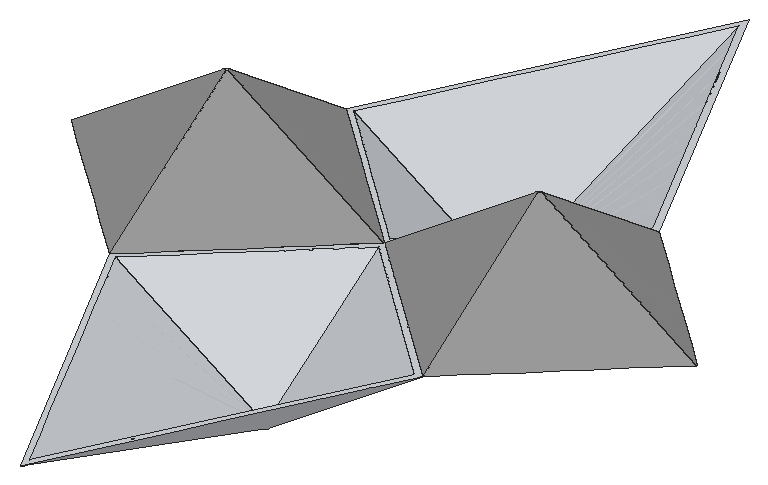
Revit family "CLD-FCT-016_KITE_RTV", category Modelos genéricos, Revit 2022 (continued)
Definition of nested family "CLD-FCT-016_KITE_2_RTV"
  Forms (in)
    Extrusion 235, solid, not visible
      sketch origin (-0.00149, 0.00149, -1.20924) x (0, 1, 0) y (0, 0, -1)
        loop
          line (0.96881, 1.14538) -> (0.96881, -1.85462) -> (0.65631, -1.85462) -> (0.65631, -2.35462) -> (0.96881, -2.35462) -> (3.48948, -2.35462) -> (3.48948, -0.60462) -> (4.19814, -0.60462) -> (4.19814, -2.35462) -> (9.23948, -2.35462) -> (9.23948, -0.60462) -> (9.94814, -0.60462) -> (9.94814, -2.35462) -> (14.98948, -2.35462) -> (14.98948, -0.60462) -> (15.69814, -0.60462) -> (15.69814, -2.35462) -> (20.73948, -2.35462) -> (20.73948, -0.60462) -> (21.44814, -0.60462) -> (21.44814, -2.35462) -> (24.28131, -2.35462) -> (24.28131, -1.85462) -> (23.96881, -1.85462) -> (23.96881, 1.14538) -> (0.96881, 1.14538)
      from -3.60908 to -3.49097
    Extrusion 236, solid, not visible
      sketch origin (0.11662, 0.00149, -1.20924) x (0, 1, 0) y (0, 0, -1)
        loop
          line (0.96881, 1.14538) -> (0.96881, -1.85462) -> (0.65631, -1.85462) -> (0.65631, -2.35462) -> (0.96881, -2.35462) -> (3.48948, -2.35462) -> (3.48948, -0.60462) -> (4.19814, -0.60462) -> (4.19814, -2.35462) -> (9.23948, -2.35462) -> (9.23948, -0.60462) -> (9.94814, -0.60462) -> (9.94814, -2.35462) -> (14.98948, -2.35462) -> (14.98948, -0.60462) -> (15.69814, -0.60462) -> (15.69814, -2.35462) -> (20.73948, -2.35462) -> (20.73948, -0.60462) -> (21.44814, -0.60462) -> (21.44814, -2.35462) -> (24.28131, -2.35462) -> (24.28131, -1.85462) -> (23.96881, -1.85462) -> (23.96881, 1.14538) -> (0.96881, 1.14538)
      from -3.96341 to -3.49097
    Extrusion 237, solid, not visible
      sketch origin (-0.00149, 0.00149, -1.20924) x (0, 1, 0) y (0, 0, -1)
        loop
          line (0.96881, 1.14538) -> (0.96881, -1.85462) -> (0.65631, -1.85462) -> (0.65631, -2.35462) -> (0.96881, -2.35462) -> (3.48948, -2.35462) -> (3.48948, -0.60462) -> (4.19814, -0.60462) -> (4.19814, -2.35462) -> (9.23948, -2.35462) -> (9.23948, -0.60462) -> (9.94814, -0.60462) -> (9.94814, -2.35462) -> (14.98948, -2.35462) -> (14.98948, -0.60462) -> (15.69814, -0.60462) -> (15.69814, -2.35462) -> (20.73948, -2.35462) -> (20.73948, -0.60462) -> (21.44814, -0.60462) -> (21.44814, -2.35462) -> (24.28131, -2.35462) -> (24.28131, -1.85462) -> (23.96881, -1.85462) -> (23.96881, 1.14538) -> (0.96881, 1.14538)
      from -4.19963 to -4.08152
    Extrusion 238, solid, not visible
      sketch origin (0, 0, 0) x (1, 0, 0) y (0, 0, 1)
        loop
          line (0.96881, 0.64538) -> (0.96881, -2.35462) -> (3.48948, -2.35462) -> (3.48948, -0.60462) -> (4.19814, -0.60462) -> (4.19814, -2.35462) -> (9.23948, -2.35462) -> (9.23948, -0.60462) -> (9.94814, -0.60462) -> (9.94814, -2.35462) -> (14.98948, -2.35462) -> (14.98948, -0.60462) -> (15.69814, -0.60462) -> (15.69814, -2.35462) -> (20.73948, -2.35462) -> (20.73948, -0.60462) -> (21.44814, -0.60462) -> (21.44814, -2.35462) -> (23.96881, -2.35462) -> (23.96881, 0.64538) -> (24.28131, 0.64538) -> (24.28131, 1.14538) -> (0.65631, 1.14538) -> (0.65631, 0.64538) -> (0.96881, 0.64538)
      from -3.60908 to -3.49097
    Extrusion 239, solid, not visible
      sketch origin (0, 0, 0) x (1, 0, 0) y (0, 0, 1)
        loop
          line (0.96881, 0.64538) -> (0.96881, -2.35462) -> (3.48948, -2.35462) -> (3.48948, -0.60462) -> (4.19814, -0.60462) -> (4.19814, -2.35462) -> (9.23948, -2.35462) -> (9.23948, -0.60462) -> (9.94814, -0.60462) -> (9.94814, -2.35462) -> (14.98948, -2.35462) -> (14.98948, -0.60462) -> (15.69814, -0.60462) -> (15.69814, -2.35462) -> (20.73948, -2.35462) -> (20.73948, -0.60462) -> (21.44814, -0.60462) -> (21.44814, -2.35462) -> (23.96881, -2.35462) -> (23.96881, 0.64538) -> (24.28131, 0.64538) -> (24.28131, 1.14538) -> (0.65631, 1.14538) -> (0.65631, 0.64538) -> (0.96881, 0.64538)
      from -4.08152 to -3.60908
    Extrusion 240, solid, not visible
      sketch origin (0, 0, 0) x (1, 0, 0) y (0, 0, 1)
        loop
          line (0.96881, 0.64538) -> (0.96881, -2.35462) -> (3.48948, -2.35462) -> (3.48948, -0.60462) -> (4.19814, -0.60462) -> (4.19814, -2.35462) -> (9.23948, -2.35462) -> (9.23948, -0.60462) -> (9.94814, -0.60462) -> (9.94814, -2.35462) -> (14.98948, -2.35462) -> (14.98948, -0.60462) -> (15.69814, -0.60462) -> (15.69814, -2.35462) -> (20.73948, -2.35462) -> (20.73948, -0.60462) -> (21.44814, -0.60462) -> (21.44814, -2.35462) -> (23.96881, -2.35462) -> (23.96881, 0.64538) -> (24.28131, 0.64538) -> (24.28131, 1.14538) -> (0.65631, 1.14538) -> (0.65631, 0.64538) -> (0.96881, 0.64538)
      from -4.19963 to -4.08152
    Extrusion 241, solid, not visible
      sketch origin (0, 0, 0) x (1, 0, 0) y (0, 0, 1)
        loop
          line (0.96881, 0.64538) -> (0.96881, -2.35462) -> (3.48948, -2.35462) -> (3.48948, -0.60462) -> (4.19814, -0.60462) -> (4.19814, -2.35462) -> (9.23948, -2.35462) -> (9.23948, -0.60462) -> (9.94814, -0.60462) -> (9.94814, -2.35462) -> (14.98948, -2.35462) -> (14.98948, -0.60462) -> (15.69814, -0.60462) -> (15.69814, -2.35462) -> (20.73948, -2.35462) -> (20.73948, -0.60462) -> (21.44814, -0.60462) -> (21.44814, -2.35462) -> (23.96881, -2.35462) -> (23.96881, 0.64538) -> (24.28131, 0.64538) -> (24.28131, 1.14538) -> (0.65631, 1.14538) -> (0.65631, 0.64538) -> (0.96881, 0.64538)
      from -9.94963 to -9.83152
    Extrusion 242, solid, not visible
      sketch origin (0, 0, 0) x (1, 0, 0) y (0, 0, 1)
        loop
          line (0.96881, 0.64538) -> (0.96881, -2.35462) -> (3.48948, -2.35462) -> (3.48948, -0.60462) -> (4.19814, -0.60462) -> (4.19814, -2.35462) -> (9.23948, -2.35462) -> (9.23948, -0.60462) -> (9.94814, -0.60462) -> (9.94814, -2.35462) -> (14.98948, -2.35462) -> (14.98948, -0.60462) -> (15.69814, -0.60462) -> (15.69814, -2.35462) -> (20.73948, -2.35462) -> (20.73948, -0.60462) -> (21.44814, -0.60462) -> (21.44814, -2.35462) -> (23.96881, -2.35462) -> (23.96881, 0.64538) -> (24.28131, 0.64538) -> (24.28131, 1.14538) -> (0.65631, 1.14538) -> (0.65631, 0.64538) -> (0.96881, 0.64538)
      from -9.35908 to -9.24097
    Extrusion 243, solid, not visible
      sketch origin (0, 0, 0) x (1, 0, 0) y (0, 0, 1)
        loop
          line (0.96881, 0.64538) -> (0.96881, -2.35462) -> (3.48948, -2.35462) -> (3.48948, -0.60462) -> (4.19814, -0.60462) -> (4.19814, -2.35462) -> (9.23948, -2.35462) -> (9.23948, -0.60462) -> (9.94814, -0.60462) -> (9.94814, -2.35462) -> (14.98948, -2.35462) -> (14.98948, -0.60462) -> (15.69814, -0.60462) -> (15.69814, -2.35462) -> (20.73948, -2.35462) -> (20.73948, -0.60462) -> (21.44814, -0.60462) -> (21.44814, -2.35462) -> (23.96881, -2.35462) -> (23.96881, 0.64538) -> (24.28131, 0.64538) -> (24.28131, 1.14538) -> (0.65631, 1.14538) -> (0.65631, 0.64538) -> (0.96881, 0.64538)
      from -9.83152 to -9.35908
    Extrusion 244, solid, not visible
      sketch origin (0, 0, 0) x (1, 0, 0) y (0, 0, 1)
        loop
          line (0.96881, 0.64538) -> (0.96881, -2.35462) -> (3.48948, -2.35462) -> (3.48948, -0.60462) -> (4.19814, -0.60462) -> (4.19814, -2.35462) -> (9.23948, -2.35462) -> (9.23948, -0.60462) -> (9.94814, -0.60462) -> (9.94814, -2.35462) -> (14.98948, -2.35462) -> (14.98948, -0.60462) -> (15.69814, -0.60462) -> (15.69814, -2.35462) -> (20.73948, -2.35462) -> (20.73948, -0.60462) -> (21.44814, -0.60462) -> (21.44814, -2.35462) -> (23.96881, -2.35462) -> (23.96881, 0.64538) -> (24.28131, 0.64538) -> (24.28131, 1.14538) -> (0.65631, 1.14538) -> (0.65631, 0.64538) -> (0.96881, 0.64538)
      from -15.69963 to -15.58152
    Extrusion 245, solid, not visible
      sketch origin (0, 0, 0) x (1, 0, 0) y (0, 0, 1)
        loop
          line (0.96881, 0.64538) -> (0.96881, -2.35462) -> (3.48948, -2.35462) -> (3.48948, -0.60462) -> (4.19814, -0.60462) -> (4.19814, -2.35462) -> (9.23948, -2.35462) -> (9.23948, -0.60462) -> (9.94814, -0.60462) -> (9.94814, -2.35462) -> (14.98948, -2.35462) -> (14.98948, -0.60462) -> (15.69814, -0.60462) -> (15.69814, -2.35462) -> (20.73948, -2.35462) -> (20.73948, -0.60462) -> (21.44814, -0.60462) -> (21.44814, -2.35462) -> (23.96881, -2.35462) -> (23.96881, 0.64538) -> (24.28131, 0.64538) -> (24.28131, 1.14538) -> (0.65631, 1.14538) -> (0.65631, 0.64538) -> (0.96881, 0.64538)
      from -15.10908 to -14.99097
    Extrusion 246, solid, not visible
      sketch origin (0, 0, 0) x (1, 0, 0) y (0, 0, 1)
        loop
          line (0.96881, 0.64538) -> (0.96881, -2.35462) -> (3.48948, -2.35462) -> (3.48948, -0.60462) -> (4.19814, -0.60462) -> (4.19814, -2.35462) -> (9.23948, -2.35462) -> (9.23948, -0.60462) -> (9.94814, -0.60462) -> (9.94814, -2.35462) -> (14.98948, -2.35462) -> (14.98948, -0.60462) -> (15.69814, -0.60462) -> (15.69814, -2.35462) -> (20.73948, -2.35462) -> (20.73948, -0.60462) -> (21.44814, -0.60462) -> (21.44814, -2.35462) -> (23.96881, -2.35462) -> (23.96881, 0.64538) -> (24.28131, 0.64538) -> (24.28131, 1.14538) -> (0.65631, 1.14538) -> (0.65631, 0.64538) -> (0.96881, 0.64538)
      from -15.58152 to -15.10908
    Extrusion 247, solid, not visible
      sketch origin (0, 0, 0) x (1, 0, 0) y (0, 0, 1)
        loop
          line (0.96881, 0.64538) -> (0.96881, -2.35462) -> (3.48948, -2.35462) -> (3.48948, -0.60462) -> (4.19814, -0.60462) -> (4.19814, -2.35462) -> (9.23948, -2.35462) -> (9.23948, -0.60462) -> (9.94814, -0.60462) -> (9.94814, -2.35462) -> (14.98948, -2.35462) -> (14.98948, -0.60462) -> (15.69814, -0.60462) -> (15.69814, -2.35462) -> (20.73948, -2.35462) -> (20.73948, -0.60462) -> (21.44814, -0.60462) -> (21.44814, -2.35462) -> (23.96881, -2.35462) -> (23.96881, 0.64538) -> (24.28131, 0.64538) -> (24.28131, 1.14538) -> (0.65631, 1.14538) -> (0.65631, 0.64538) -> (0.96881, 0.64538)
      from -21.44963 to -21.33152
    Extrusion 248, solid, not visible
      sketch origin (0, 0, 0) x (1, 0, 0) y (0, 0, 1)
        loop
          line (0.96881, 0.64538) -> (0.96881, -2.35462) -> (3.48948, -2.35462) -> (3.48948, -0.60462) -> (4.19814, -0.60462) -> (4.19814, -2.35462) -> (9.23948, -2.35462) -> (9.23948, -0.60462) -> (9.94814, -0.60462) -> (9.94814, -2.35462) -> (14.98948, -2.35462) -> (14.98948, -0.60462) -> (15.69814, -0.60462) -> (15.69814, -2.35462) -> (20.73948, -2.35462) -> (20.73948, -0.60462) -> (21.44814, -0.60462) -> (21.44814, -2.35462) -> (23.96881, -2.35462) -> (23.96881, 0.64538) -> (24.28131, 0.64538) -> (24.28131, 1.14538) -> (0.65631, 1.14538) -> (0.65631, 0.64538) -> (0.96881, 0.64538)
      from -20.85908 to -20.74097
    Extrusion 249, solid, not visible
      sketch origin (0, 0, 0) x (1, 0, 0) y (0, 0, 1)
        loop
          line (0.96881, 0.64538) -> (0.96881, -2.35462) -> (3.48948, -2.35462) -> (3.48948, -0.60462) -> (4.19814, -0.60462) -> (4.19814, -2.35462) -> (9.23948, -2.35462) -> (9.23948, -0.60462) -> (9.94814, -0.60462) -> (9.94814, -2.35462) -> (14.98948, -2.35462) -> (14.98948, -0.60462) -> (15.69814, -0.60462) -> (15.69814, -2.35462) -> (20.73948, -2.35462) -> (20.73948, -0.60462) -> (21.44814, -0.60462) -> (21.44814, -2.35462) -> (23.96881, -2.35462) -> (23.96881, 0.64538) -> (24.28131, 0.64538) -> (24.28131, 1.14538) -> (0.65631, 1.14538) -> (0.65631, 0.64538) -> (0.96881, 0.64538)
      from -21.33152 to -20.85908
    Extrusion 250, solid, not visible
      sketch origin (-0.00149, 0.00149, -1.20924) x (0, 1, 0) y (0, 0, -1)
        loop
          line (0.96881, 1.14538) -> (0.96881, -1.85462) -> (0.65631, -1.85462) -> (0.65631, -2.35462) -> (0.96881, -2.35462) -> (3.48948, -2.35462) -> (3.48948, -0.60462) -> (4.19814, -0.60462) -> (4.19814, -2.35462) -> (9.23948, -2.35462) -> (9.23948, -0.60462) -> (9.94814, -0.60462) -> (9.94814, -2.35462) -> (14.98948, -2.35462) -> (14.98948, -0.60462) -> (15.69814, -0.60462) -> (15.69814, -2.35462) -> (20.73948, -2.35462) -> (20.73948, -0.60462) -> (21.44814, -0.60462) -> (21.44814, -2.35462) -> (24.28131, -2.35462) -> (24.28131, -1.85462) -> (23.96881, -1.85462) -> (23.96881, 1.14538) -> (0.96881, 1.14538)
      from -3.60908 to -3.49097
    Extrusion 251, solid, not visible
      sketch origin (0.11662, 0.00149, -1.20924) x (0, 1, 0) y (0, 0, -1)
        loop
          line (0.96881, 1.14538) -> (0.96881, -1.85462) -> (0.65631, -1.85462) -> (0.65631, -2.35462) -> (0.96881, -2.35462) -> (3.48948, -2.35462) -> (3.48948, -0.60462) -> (4.19814, -0.60462) -> (4.19814, -2.35462) -> (9.23948, -2.35462) -> (9.23948, -0.60462) -> (9.94814, -0.60462) -> (9.94814, -2.35462) -> (14.98948, -2.35462) -> (14.98948, -0.60462) -> (15.69814, -0.60462) -> (15.69814, -2.35462) -> (20.73948, -2.35462) -> (20.73948, -0.60462) -> (21.44814, -0.60462) -> (21.44814, -2.35462) -> (24.28131, -2.35462) -> (24.28131, -1.85462) -> (23.96881, -1.85462) -> (23.96881, 1.14538) -> (0.96881, 1.14538)
      from -3.96341 to -3.49097
    Extrusion 252, solid, not visible
      sketch origin (-0.00149, 0.00149, -1.20924) x (0, 1, 0) y (0, 0, -1)
        loop
          line (0.96881, 1.14538) -> (0.96881, -1.85462) -> (0.65631, -1.85462) -> (0.65631, -2.35462) -> (0.96881, -2.35462) -> (3.48948, -2.35462) -> (3.48948, -0.60462) -> (4.19814, -0.60462) -> (4.19814, -2.35462) -> (9.23948, -2.35462) -> (9.23948, -0.60462) -> (9.94814, -0.60462) -> (9.94814, -2.35462) -> (14.98948, -2.35462) -> (14.98948, -0.60462) -> (15.69814, -0.60462) -> (15.69814, -2.35462) -> (20.73948, -2.35462) -> (20.73948, -0.60462) -> (21.44814, -0.60462) -> (21.44814, -2.35462) -> (24.28131, -2.35462) -> (24.28131, -1.85462) -> (23.96881, -1.85462) -> (23.96881, 1.14538) -> (0.96881, 1.14538)
      from -4.19963 to -4.08152
    Extrusion 253, solid, not visible
      sketch origin (5.74851, 0.00149, -1.20924) x (0, 1, 0) y (0, 0, -1)
        loop
          line (0.96881, 1.14538) -> (0.96881, -1.85462) -> (0.65631, -1.85462) -> (0.65631, -2.35462) -> (0.96881, -2.35462) -> (3.48948, -2.35462) -> (3.48948, -0.60462) -> (4.19814, -0.60462) -> (4.19814, -2.35462) -> (9.23948, -2.35462) -> (9.23948, -0.60462) -> (9.94814, -0.60462) -> (9.94814, -2.35462) -> (14.98948, -2.35462) -> (14.98948, -0.60462) -> (15.69814, -0.60462) -> (15.69814, -2.35462) -> (20.73948, -2.35462) -> (20.73948, -0.60462) -> (21.44814, -0.60462) -> (21.44814, -2.35462) -> (24.28131, -2.35462) -> (24.28131, -1.85462) -> (23.96881, -1.85462) -> (23.96881, 1.14538) -> (0.96881, 1.14538)
      from -4.19963 to -4.08152
    Extrusion 254, solid, not visible
      sketch origin (5.15796, 0.00149, -1.20924) x (0, 1, 0) y (0, 0, -1)
        loop
          line (0.96881, 1.14538) -> (0.96881, -1.85462) -> (0.65631, -1.85462) -> (0.65631, -2.35462) -> (0.96881, -2.35462) -> (3.48948, -2.35462) -> (3.48948, -0.60462) -> (4.19814, -0.60462) -> (4.19814, -2.35462) -> (9.23948, -2.35462) -> (9.23948, -0.60462) -> (9.94814, -0.60462) -> (9.94814, -2.35462) -> (14.98948, -2.35462) -> (14.98948, -0.60462) -> (15.69814, -0.60462) -> (15.69814, -2.35462) -> (20.73948, -2.35462) -> (20.73948, -0.60462) -> (21.44814, -0.60462) -> (21.44814, -2.35462) -> (24.28131, -2.35462) -> (24.28131, -1.85462) -> (23.96881, -1.85462) -> (23.96881, 1.14538) -> (0.96881, 1.14538)
      from -4.19963 to -4.08152
    Extrusion 255, solid, not visible
      sketch origin (11.49851, 0.00149, -1.20924) x (0, 1, 0) y (0, 0, -1)
        loop
          line (0.96881, 1.14538) -> (0.96881, -1.85462) -> (0.65631, -1.85462) -> (0.65631, -2.35462) -> (0.96881, -2.35462) -> (3.48948, -2.35462) -> (3.48948, -0.60462) -> (4.19814, -0.60462) -> (4.19814, -2.35462) -> (9.23948, -2.35462) -> (9.23948, -0.60462) -> (9.94814, -0.60462) -> (9.94814, -2.35462) -> (14.98948, -2.35462) -> (14.98948, -0.60462) -> (15.69814, -0.60462) -> (15.69814, -2.35462) -> (20.73948, -2.35462) -> (20.73948, -0.60462) -> (21.44814, -0.60462) -> (21.44814, -2.35462) -> (24.28131, -2.35462) -> (24.28131, -1.85462) -> (23.96881, -1.85462) -> (23.96881, 1.14538) -> (0.96881, 1.14538)
      from -4.19963 to -4.08152
    Extrusion 256, solid, not visible
      sketch origin (10.90796, 0.00149, -1.20924) x (0, 1, 0) y (0, 0, -1)
        loop
          line (0.96881, 1.14538) -> (0.96881, -1.85462) -> (0.65631, -1.85462) -> (0.65631, -2.35462) -> (0.96881, -2.35462) -> (3.48948, -2.35462) -> (3.48948, -0.60462) -> (4.19814, -0.60462) -> (4.19814, -2.35462) -> (9.23948, -2.35462) -> (9.23948, -0.60462) -> (9.94814, -0.60462) -> (9.94814, -2.35462) -> (14.98948, -2.35462) -> (14.98948, -0.60462) -> (15.69814, -0.60462) -> (15.69814, -2.35462) -> (20.73948, -2.35462) -> (20.73948, -0.60462) -> (21.44814, -0.60462) -> (21.44814, -2.35462) -> (24.28131, -2.35462) -> (24.28131, -1.85462) -> (23.96881, -1.85462) -> (23.96881, 1.14538) -> (0.96881, 1.14538)
      from -4.19963 to -4.08152
    Extrusion 257, solid, not visible
      sketch origin (16.65796, 0.00149, -1.20924) x (0, 1, 0) y (0, 0, -1)
        loop
          line (0.96881, 1.14538) -> (0.96881, -1.85462) -> (0.65631, -1.85462) -> (0.65631, -2.35462) -> (0.96881, -2.35462) -> (3.48948, -2.35462) -> (3.48948, -0.60462) -> (4.19814, -0.60462) -> (4.19814, -2.35462) -> (9.23948, -2.35462) -> (9.23948, -0.60462) -> (9.94814, -0.60462) -> (9.94814, -2.35462) -> (14.98948, -2.35462) -> (14.98948, -0.60462) -> (15.69814, -0.60462) -> (15.69814, -2.35462) -> (20.73948, -2.35462) -> (20.73948, -0.60462) -> (21.44814, -0.60462) -> (21.44814, -2.35462) -> (24.28131, -2.35462) -> (24.28131, -1.85462) -> (23.96881, -1.85462) -> (23.96881, 1.14538) -> (0.96881, 1.14538)
      from -4.19963 to -4.08152
    Extrusion 258, solid, not visible
      sketch origin (17.24851, 0.00149, -1.20924) x (0, 1, 0) y (0, 0, -1)
        loop
          line (0.96881, 1.14538) -> (0.96881, -1.85462) -> (0.65631, -1.85462) -> (0.65631, -2.35462) -> (0.96881, -2.35462) -> (3.48948, -2.35462) -> (3.48948, -0.60462) -> (4.19814, -0.60462) -> (4.19814, -2.35462) -> (9.23948, -2.35462) -> (9.23948, -0.60462) -> (9.94814, -0.60462) -> (9.94814, -2.35462) -> (14.98948, -2.35462) -> (14.98948, -0.60462) -> (15.69814, -0.60462) -> (15.69814, -2.35462) -> (20.73948, -2.35462) -> (20.73948, -0.60462) -> (21.44814, -0.60462) -> (21.44814, -2.35462) -> (24.28131, -2.35462) -> (24.28131, -1.85462) -> (23.96881, -1.85462) -> (23.96881, 1.14538) -> (0.96881, 1.14538)
      from -4.19963 to -4.08152
    Extrusion 259, solid, not visible
      sketch origin (5.86662, 0.00149, -1.20924) x (0, 1, 0) y (0, 0, -1)
        loop
          line (0.96881, 1.14538) -> (0.96881, -1.85462) -> (0.65631, -1.85462) -> (0.65631, -2.35462) -> (0.96881, -2.35462) -> (3.48948, -2.35462) -> (3.48948, -0.60462) -> (4.19814, -0.60462) -> (4.19814, -2.35462) -> (9.23948, -2.35462) -> (9.23948, -0.60462) -> (9.94814, -0.60462) -> (9.94814, -2.35462) -> (14.98948, -2.35462) -> (14.98948, -0.60462) -> (15.69814, -0.60462) -> (15.69814, -2.35462) -> (20.73948, -2.35462) -> (20.73948, -0.60462) -> (21.44814, -0.60462) -> (21.44814, -2.35462) -> (24.28131, -2.35462) -> (24.28131, -1.85462) -> (23.96881, -1.85462) -> (23.96881, 1.14538) -> (0.96881, 1.14538)
      from -3.96341 to -3.49097
    Extrusion 260, solid, not visible
      sketch origin (11.61662, 0.00149, -1.20924) x (0, 1, 0) y (0, 0, -1)
        loop
          line (0.96881, 1.14538) -> (0.96881, -1.85462) -> (0.65631, -1.85462) -> (0.65631, -2.35462) -> (0.96881, -2.35462) -> (3.48948, -2.35462) -> (3.48948, -0.60462) -> (4.19814, -0.60462) -> (4.19814, -2.35462) -> (9.23948, -2.35462) -> (9.23948, -0.60462) -> (9.94814, -0.60462) -> (9.94814, -2.35462) -> (14.98948, -2.35462) -> (14.98948, -0.60462) -> (15.69814, -0.60462) -> (15.69814, -2.35462) -> (20.73948, -2.35462) -> (20.73948, -0.60462) -> (21.44814, -0.60462) -> (21.44814, -2.35462) -> (24.28131, -2.35462) -> (24.28131, -1.85462) -> (23.96881, -1.85462) -> (23.96881, 1.14538) -> (0.96881, 1.14538)
      from -3.96341 to -3.49097
    Extrusion 261, solid, not visible
      sketch origin (17.36662, 0.00149, -1.20924) x (0, 1, 0) y (0, 0, -1)
        loop
          line (0.96881, 1.14538) -> (0.96881, -1.85462) -> (0.65631, -1.85462) -> (0.65631, -2.35462) -> (0.96881, -2.35462) -> (3.48948, -2.35462) -> (3.48948, -0.60462) -> (4.19814, -0.60462) -> (4.19814, -2.35462) -> (9.23948, -2.35462) -> (9.23948, -0.60462) -> (9.94814, -0.60462) -> (9.94814, -2.35462) -> (14.98948, -2.35462) -> (14.98948, -0.60462) -> (15.69814, -0.60462) -> (15.69814, -2.35462) -> (20.73948, -2.35462) -> (20.73948, -0.60462) -> (21.44814, -0.60462) -> (21.44814, -2.35462) -> (24.28131, -2.35462) -> (24.28131, -1.85462) -> (23.96881, -1.85462) -> (23.96881, 1.14538) -> (0.96881, 1.14538)
      from -3.96341 to -3.49097
    Extrusion 262, solid, not visible
      sketch origin (0, 0, 0) x (1, 0, 0) y (0, 0, 1)
        loop
          line (0.96881, 0.64538) -> (0.96881, -2.35462) -> (3.48948, -2.35462) -> (3.48948, -0.60462) -> (4.19814, -0.60462) -> (4.19814, -2.35462) -> (9.23948, -2.35462) -> (9.23948, -0.60462) -> (9.94814, -0.60462) -> (9.94814, -2.35462) -> (14.98948, -2.35462) -> (14.98948, -0.60462) -> (15.69814, -0.60462) -> (15.69814, -2.35462) -> (20.73948, -2.35462) -> (20.73948, -0.60462) -> (21.44814, -0.60462) -> (21.44814, -2.35462) -> (23.96881, -2.35462) -> (23.96881, 0.64538) -> (24.28131, 0.64538) -> (24.28131, 1.14538) -> (0.65631, 1.14538) -> (0.65631, 0.64538) -> (0.96881, 0.64538)
      from -3.60908 to -3.49097
    Extrusion 263, solid, not visible
      sketch origin (0, 0, 0) x (1, 0, 0) y (0, 0, 1)
        loop
          line (0.96881, 0.64538) -> (0.96881, -2.35462) -> (3.48948, -2.35462) -> (3.48948, -0.60462) -> (4.19814, -0.60462) -> (4.19814, -2.35462) -> (9.23948, -2.35462) -> (9.23948, -0.60462) -> (9.94814, -0.60462) -> (9.94814, -2.35462) -> (14.98948, -2.35462) -> (14.98948, -0.60462) -> (15.69814, -0.60462) -> (15.69814, -2.35462) -> (20.73948, -2.35462) -> (20.73948, -0.60462) -> (21.44814, -0.60462) -> (21.44814, -2.35462) -> (23.96881, -2.35462) -> (23.96881, 0.64538) -> (24.28131, 0.64538) -> (24.28131, 1.14538) -> (0.65631, 1.14538) -> (0.65631, 0.64538) -> (0.96881, 0.64538)
      from -4.08152 to -3.60908
    Extrusion 264, solid, not visible
      sketch origin (0, 0, 0) x (1, 0, 0) y (0, 0, 1)
        loop
          line (0.96881, 0.64538) -> (0.96881, -2.35462) -> (3.48948, -2.35462) -> (3.48948, -0.60462) -> (4.19814, -0.60462) -> (4.19814, -2.35462) -> (9.23948, -2.35462) -> (9.23948, -0.60462) -> (9.94814, -0.60462) -> (9.94814, -2.35462) -> (14.98948, -2.35462) -> (14.98948, -0.60462) -> (15.69814, -0.60462) -> (15.69814, -2.35462) -> (20.73948, -2.35462) -> (20.73948, -0.60462) -> (21.44814, -0.60462) -> (21.44814, -2.35462) -> (23.96881, -2.35462) -> (23.96881, 0.64538) -> (24.28131, 0.64538) -> (24.28131, 1.14538) -> (0.65631, 1.14538) -> (0.65631, 0.64538) -> (0.96881, 0.64538)
      from -4.19963 to -4.08152
    Extrusion 265, solid, not visible
      sketch origin (-0.00149, 0.00149, -1.20924) x (0, 1, 0) y (0, 0, -1)
        loop
          line (0.96881, 1.14538) -> (0.96881, -1.85462) -> (0.65631, -1.85462) -> (0.65631, -2.35462) -> (0.96881, -2.35462) -> (3.48948, -2.35462) -> (3.48948, -0.60462) -> (4.19814, -0.60462) -> (4.19814, -2.35462) -> (9.23948, -2.35462) -> (9.23948, -0.60462) -> (9.94814, -0.60462) -> (9.94814, -2.35462) -> (14.98948, -2.35462) -> (14.98948, -0.60462) -> (15.69814, -0.60462) -> (15.69814, -2.35462) -> (20.73948, -2.35462) -> (20.73948, -0.60462) -> (21.44814, -0.60462) -> (21.44814, -2.35462) -> (24.28131, -2.35462) -> (24.28131, -1.85462) -> (23.96881, -1.85462) -> (23.96881, 1.14538) -> (0.96881, 1.14538)
      from -3.60908 to -3.49097
    Extrusion 266, solid, not visible
      sketch origin (0.11662, 0.00149, -1.20924) x (0, 1, 0) y (0, 0, -1)
        loop
          line (0.96881, 1.14538) -> (0.96881, -1.85462) -> (0.65631, -1.85462) -> (0.65631, -2.35462) -> (0.96881, -2.35462) -> (3.48948, -2.35462) -> (3.48948, -0.60462) -> (4.19814, -0.60462) -> (4.19814, -2.35462) -> (9.23948, -2.35462) -> (9.23948, -0.60462) -> (9.94814, -0.60462) -> (9.94814, -2.35462) -> (14.98948, -2.35462) -> (14.98948, -0.60462) -> (15.69814, -0.60462) -> (15.69814, -2.35462) -> (20.73948, -2.35462) -> (20.73948, -0.60462) -> (21.44814, -0.60462) -> (21.44814, -2.35462) -> (24.28131, -2.35462) -> (24.28131, -1.85462) -> (23.96881, -1.85462) -> (23.96881, 1.14538) -> (0.96881, 1.14538)
      from -3.96341 to -3.49097
    Extrusion 267, solid, not visible
      sketch origin (-0.00149, 0.00149, -1.20924) x (0, 1, 0) y (0, 0, -1)
        loop
          line (0.96881, 1.14538) -> (0.96881, -1.85462) -> (0.65631, -1.85462) -> (0.65631, -2.35462) -> (0.96881, -2.35462) -> (3.48948, -2.35462) -> (3.48948, -0.60462) -> (4.19814, -0.60462) -> (4.19814, -2.35462) -> (9.23948, -2.35462) -> (9.23948, -0.60462) -> (9.94814, -0.60462) -> (9.94814, -2.35462) -> (14.98948, -2.35462) -> (14.98948, -0.60462) -> (15.69814, -0.60462) -> (15.69814, -2.35462) -> (20.73948, -2.35462) -> (20.73948, -0.60462) -> (21.44814, -0.60462) -> (21.44814, -2.35462) -> (24.28131, -2.35462) -> (24.28131, -1.85462) -> (23.96881, -1.85462) -> (23.96881, 1.14538) -> (0.96881, 1.14538)
      from -4.19963 to -4.08152
    Extrusion 268, solid, not visible
      sketch origin (0, 0, 0) x (1, 0, 0) y (0, 0, 1)
        loop
          line (0.96881, 0.64538) -> (0.96881, -2.35462) -> (3.48948, -2.35462) -> (3.48948, -0.60462) -> (4.19814, -0.60462) -> (4.19814, -2.35462) -> (9.23948, -2.35462) -> (9.23948, -0.60462) -> (9.94814, -0.60462) -> (9.94814, -2.35462) -> (14.98948, -2.35462) -> (14.98948, -0.60462) -> (15.69814, -0.60462) -> (15.69814, -2.35462) -> (20.73948, -2.35462) -> (20.73948, -0.60462) -> (21.44814, -0.60462) -> (21.44814, -2.35462) -> (23.96881, -2.35462) -> (23.96881, 0.64538) -> (24.28131, 0.64538) -> (24.28131, 1.14538) -> (0.65631, 1.14538) -> (0.65631, 0.64538) -> (0.96881, 0.64538)
      from -9.94963 to -9.83152
    Extrusion 269, solid, not visible
      sketch origin (0, 0, 0) x (1, 0, 0) y (0, 0, 1)
        loop
          line (0.96881, 0.64538) -> (0.96881, -2.35462) -> (3.48948, -2.35462) -> (3.48948, -0.60462) -> (4.19814, -0.60462) -> (4.19814, -2.35462) -> (9.23948, -2.35462) -> (9.23948, -0.60462) -> (9.94814, -0.60462) -> (9.94814, -2.35462) -> (14.98948, -2.35462) -> (14.98948, -0.60462) -> (15.69814, -0.60462) -> (15.69814, -2.35462) -> (20.73948, -2.35462) -> (20.73948, -0.60462) -> (21.44814, -0.60462) -> (21.44814, -2.35462) -> (23.96881, -2.35462) -> (23.96881, 0.64538) -> (24.28131, 0.64538) -> (24.28131, 1.14538) -> (0.65631, 1.14538) -> (0.65631, 0.64538) -> (0.96881, 0.64538)
      from -9.35908 to -9.24097
    Extrusion 270, solid, not visible
      sketch origin (0, 0, 0) x (1, 0, 0) y (0, 0, 1)
        loop
          line (0.96881, 0.64538) -> (0.96881, -2.35462) -> (3.48948, -2.35462) -> (3.48948, -0.60462) -> (4.19814, -0.60462) -> (4.19814, -2.35462) -> (9.23948, -2.35462) -> (9.23948, -0.60462) -> (9.94814, -0.60462) -> (9.94814, -2.35462) -> (14.98948, -2.35462) -> (14.98948, -0.60462) -> (15.69814, -0.60462) -> (15.69814, -2.35462) -> (20.73948, -2.35462) -> (20.73948, -0.60462) -> (21.44814, -0.60462) -> (21.44814, -2.35462) -> (23.96881, -2.35462) -> (23.96881, 0.64538) -> (24.28131, 0.64538) -> (24.28131, 1.14538) -> (0.65631, 1.14538) -> (0.65631, 0.64538) -> (0.96881, 0.64538)
      from -9.83152 to -9.35908
    Extrusion 271, solid, not visible
      sketch origin (0, 0, 0) x (1, 0, 0) y (0, 0, 1)
        loop
          line (0.96881, 0.64538) -> (0.96881, -2.35462) -> (3.48948, -2.35462) -> (3.48948, -0.60462) -> (4.19814, -0.60462) -> (4.19814, -2.35462) -> (9.23948, -2.35462) -> (9.23948, -0.60462) -> (9.94814, -0.60462) -> (9.94814, -2.35462) -> (14.98948, -2.35462) -> (14.98948, -0.60462) -> (15.69814, -0.60462) -> (15.69814, -2.35462) -> (20.73948, -2.35462) -> (20.73948, -0.60462) -> (21.44814, -0.60462) -> (21.44814, -2.35462) -> (23.96881, -2.35462) -> (23.96881, 0.64538) -> (24.28131, 0.64538) -> (24.28131, 1.14538) -> (0.65631, 1.14538) -> (0.65631, 0.64538) -> (0.96881, 0.64538)
      from -15.69963 to -15.58152
    Extrusion 272, solid, not visible
      sketch origin (0, 0, 0) x (1, 0, 0) y (0, 0, 1)
        loop
          line (0.96881, 0.64538) -> (0.96881, -2.35462) -> (3.48948, -2.35462) -> (3.48948, -0.60462) -> (4.19814, -0.60462) -> (4.19814, -2.35462) -> (9.23948, -2.35462) -> (9.23948, -0.60462) -> (9.94814, -0.60462) -> (9.94814, -2.35462) -> (14.98948, -2.35462) -> (14.98948, -0.60462) -> (15.69814, -0.60462) -> (15.69814, -2.35462) -> (20.73948, -2.35462) -> (20.73948, -0.60462) -> (21.44814, -0.60462) -> (21.44814, -2.35462) -> (23.96881, -2.35462) -> (23.96881, 0.64538) -> (24.28131, 0.64538) -> (24.28131, 1.14538) -> (0.65631, 1.14538) -> (0.65631, 0.64538) -> (0.96881, 0.64538)
      from -15.10908 to -14.99097
    Extrusion 273, solid, not visible
      sketch origin (0, 0, 0) x (1, 0, 0) y (0, 0, 1)
        loop
          line (0.96881, 0.64538) -> (0.96881, -2.35462) -> (3.48948, -2.35462) -> (3.48948, -0.60462) -> (4.19814, -0.60462) -> (4.19814, -2.35462) -> (9.23948, -2.35462) -> (9.23948, -0.60462) -> (9.94814, -0.60462) -> (9.94814, -2.35462) -> (14.98948, -2.35462) -> (14.98948, -0.60462) -> (15.69814, -0.60462) -> (15.69814, -2.35462) -> (20.73948, -2.35462) -> (20.73948, -0.60462) -> (21.44814, -0.60462) -> (21.44814, -2.35462) -> (23.96881, -2.35462) -> (23.96881, 0.64538) -> (24.28131, 0.64538) -> (24.28131, 1.14538) -> (0.65631, 1.14538) -> (0.65631, 0.64538) -> (0.96881, 0.64538)
      from -15.58152 to -15.10908
    Extrusion 274, solid, not visible
      sketch origin (0, 0, 0) x (1, 0, 0) y (0, 0, 1)
        loop
          line (0.96881, 0.64538) -> (0.96881, -2.35462) -> (3.48948, -2.35462) -> (3.48948, -0.60462) -> (4.19814, -0.60462) -> (4.19814, -2.35462) -> (9.23948, -2.35462) -> (9.23948, -0.60462) -> (9.94814, -0.60462) -> (9.94814, -2.35462) -> (14.98948, -2.35462) -> (14.98948, -0.60462) -> (15.69814, -0.60462) -> (15.69814, -2.35462) -> (20.73948, -2.35462) -> (20.73948, -0.60462) -> (21.44814, -0.60462) -> (21.44814, -2.35462) -> (23.96881, -2.35462) -> (23.96881, 0.64538) -> (24.28131, 0.64538) -> (24.28131, 1.14538) -> (0.65631, 1.14538) -> (0.65631, 0.64538) -> (0.96881, 0.64538)
      from -21.44963 to -21.33152
    Extrusion 275, solid, not visible
      sketch origin (0, 0, 0) x (1, 0, 0) y (0, 0, 1)
        loop
          line (0.96881, 0.64538) -> (0.96881, -2.35462) -> (3.48948, -2.35462) -> (3.48948, -0.60462) -> (4.19814, -0.60462) -> (4.19814, -2.35462) -> (9.23948, -2.35462) -> (9.23948, -0.60462) -> (9.94814, -0.60462) -> (9.94814, -2.35462) -> (14.98948, -2.35462) -> (14.98948, -0.60462) -> (15.69814, -0.60462) -> (15.69814, -2.35462) -> (20.73948, -2.35462) -> (20.73948, -0.60462) -> (21.44814, -0.60462) -> (21.44814, -2.35462) -> (23.96881, -2.35462) -> (23.96881, 0.64538) -> (24.28131, 0.64538) -> (24.28131, 1.14538) -> (0.65631, 1.14538) -> (0.65631, 0.64538) -> (0.96881, 0.64538)
      from -20.85908 to -20.74097
    Extrusion 276, solid, not visible
      sketch origin (0, 0, 0) x (1, 0, 0) y (0, 0, 1)
        loop
          line (0.96881, 0.64538) -> (0.96881, -2.35462) -> (3.48948, -2.35462) -> (3.48948, -0.60462) -> (4.19814, -0.60462) -> (4.19814, -2.35462) -> (9.23948, -2.35462) -> (9.23948, -0.60462) -> (9.94814, -0.60462) -> (9.94814, -2.35462) -> (14.98948, -2.35462) -> (14.98948, -0.60462) -> (15.69814, -0.60462) -> (15.69814, -2.35462) -> (20.73948, -2.35462) -> (20.73948, -0.60462) -> (21.44814, -0.60462) -> (21.44814, -2.35462) -> (23.96881, -2.35462) -> (23.96881, 0.64538) -> (24.28131, 0.64538) -> (24.28131, 1.14538) -> (0.65631, 1.14538) -> (0.65631, 0.64538) -> (0.96881, 0.64538)
      from -21.33152 to -20.85908
    Extrusion 277, solid, not visible
      sketch origin (5.74851, 0.00149, -1.20924) x (0, 1, 0) y (0, 0, -1)
        loop
          line (0.96881, 1.14538) -> (0.96881, -1.85462) -> (0.65631, -1.85462) -> (0.65631, -2.35462) -> (0.96881, -2.35462) -> (3.48948, -2.35462) -> (3.48948, -0.60462) -> (4.19814, -0.60462) -> (4.19814, -2.35462) -> (9.23948, -2.35462) -> (9.23948, -0.60462) -> (9.94814, -0.60462) -> (9.94814, -2.35462) -> (14.98948, -2.35462) -> (14.98948, -0.60462) -> (15.69814, -0.60462) -> (15.69814, -2.35462) -> (20.73948, -2.35462) -> (20.73948, -0.60462) -> (21.44814, -0.60462) -> (21.44814, -2.35462) -> (24.28131, -2.35462) -> (24.28131, -1.85462) -> (23.96881, -1.85462) -> (23.96881, 1.14538) -> (0.96881, 1.14538)
      from -4.19963 to -4.08152
    Extrusion 278, solid, not visible
      sketch origin (5.15796, 0.00149, -1.20924) x (0, 1, 0) y (0, 0, -1)
        loop
          line (0.96881, 1.14538) -> (0.96881, -1.85462) -> (0.65631, -1.85462) -> (0.65631, -2.35462) -> (0.96881, -2.35462) -> (3.48948, -2.35462) -> (3.48948, -0.60462) -> (4.19814, -0.60462) -> (4.19814, -2.35462) -> (9.23948, -2.35462) -> (9.23948, -0.60462) -> (9.94814, -0.60462) -> (9.94814, -2.35462) -> (14.98948, -2.35462) -> (14.98948, -0.60462) -> (15.69814, -0.60462) -> (15.69814, -2.35462) -> (20.73948, -2.35462) -> (20.73948, -0.60462) -> (21.44814, -0.60462) -> (21.44814, -2.35462) -> (24.28131, -2.35462) -> (24.28131, -1.85462) -> (23.96881, -1.85462) -> (23.96881, 1.14538) -> (0.96881, 1.14538)
      from -4.19963 to -4.08152
    Extrusion 279, solid, not visible
      sketch origin (11.49851, 0.00149, -1.20924) x (0, 1, 0) y (0, 0, -1)
        loop
          line (0.96881, 1.14538) -> (0.96881, -1.85462) -> (0.65631, -1.85462) -> (0.65631, -2.35462) -> (0.96881, -2.35462) -> (3.48948, -2.35462) -> (3.48948, -0.60462) -> (4.19814, -0.60462) -> (4.19814, -2.35462) -> (9.23948, -2.35462) -> (9.23948, -0.60462) -> (9.94814, -0.60462) -> (9.94814, -2.35462) -> (14.98948, -2.35462) -> (14.98948, -0.60462) -> (15.69814, -0.60462) -> (15.69814, -2.35462) -> (20.73948, -2.35462) -> (20.73948, -0.60462) -> (21.44814, -0.60462) -> (21.44814, -2.35462) -> (24.28131, -2.35462) -> (24.28131, -1.85462) -> (23.96881, -1.85462) -> (23.96881, 1.14538) -> (0.96881, 1.14538)
      from -4.19963 to -4.08152
    Extrusion 280, solid, not visible
      sketch origin (10.90796, 0.00149, -1.20924) x (0, 1, 0) y (0, 0, -1)
        loop
          line (0.96881, 1.14538) -> (0.96881, -1.85462) -> (0.65631, -1.85462) -> (0.65631, -2.35462) -> (0.96881, -2.35462) -> (3.48948, -2.35462) -> (3.48948, -0.60462) -> (4.19814, -0.60462) -> (4.19814, -2.35462) -> (9.23948, -2.35462) -> (9.23948, -0.60462) -> (9.94814, -0.60462) -> (9.94814, -2.35462) -> (14.98948, -2.35462) -> (14.98948, -0.60462) -> (15.69814, -0.60462) -> (15.69814, -2.35462) -> (20.73948, -2.35462) -> (20.73948, -0.60462) -> (21.44814, -0.60462) -> (21.44814, -2.35462) -> (24.28131, -2.35462) -> (24.28131, -1.85462) -> (23.96881, -1.85462) -> (23.96881, 1.14538) -> (0.96881, 1.14538)
      from -4.19963 to -4.08152
    Extrusion 281, solid, not visible
      sketch origin (16.65796, 0.00149, -1.20924) x (0, 1, 0) y (0, 0, -1)
        loop
          line (0.96881, 1.14538) -> (0.96881, -1.85462) -> (0.65631, -1.85462) -> (0.65631, -2.35462) -> (0.96881, -2.35462) -> (3.48948, -2.35462) -> (3.48948, -0.60462) -> (4.19814, -0.60462) -> (4.19814, -2.35462) -> (9.23948, -2.35462) -> (9.23948, -0.60462) -> (9.94814, -0.60462) -> (9.94814, -2.35462) -> (14.98948, -2.35462) -> (14.98948, -0.60462) -> (15.69814, -0.60462) -> (15.69814, -2.35462) -> (20.73948, -2.35462) -> (20.73948, -0.60462) -> (21.44814, -0.60462) -> (21.44814, -2.35462) -> (24.28131, -2.35462) -> (24.28131, -1.85462) -> (23.96881, -1.85462) -> (23.96881, 1.14538) -> (0.96881, 1.14538)
      from -4.19963 to -4.08152
    Extrusion 282, solid, not visible
      sketch origin (17.24851, 0.00149, -1.20924) x (0, 1, 0) y (0, 0, -1)
        loop
          line (0.96881, 1.14538) -> (0.96881, -1.85462) -> (0.65631, -1.85462) -> (0.65631, -2.35462) -> (0.96881, -2.35462) -> (3.48948, -2.35462) -> (3.48948, -0.60462) -> (4.19814, -0.60462) -> (4.19814, -2.35462) -> (9.23948, -2.35462) -> (9.23948, -0.60462) -> (9.94814, -0.60462) -> (9.94814, -2.35462) -> (14.98948, -2.35462) -> (14.98948, -0.60462) -> (15.69814, -0.60462) -> (15.69814, -2.35462) -> (20.73948, -2.35462) -> (20.73948, -0.60462) -> (21.44814, -0.60462) -> (21.44814, -2.35462) -> (24.28131, -2.35462) -> (24.28131, -1.85462) -> (23.96881, -1.85462) -> (23.96881, 1.14538) -> (0.96881, 1.14538)
      from -4.19963 to -4.08152
    Extrusion 283, solid, not visible
      sketch origin (5.86662, 0.00149, -1.20924) x (0, 1, 0) y (0, 0, -1)
        loop
          line (0.96881, 1.14538) -> (0.96881, -1.85462) -> (0.65631, -1.85462) -> (0.65631, -2.35462) -> (0.96881, -2.35462) -> (3.48948, -2.35462) -> (3.48948, -0.60462) -> (4.19814, -0.60462) -> (4.19814, -2.35462) -> (9.23948, -2.35462) -> (9.23948, -0.60462) -> (9.94814, -0.60462) -> (9.94814, -2.35462) -> (14.98948, -2.35462) -> (14.98948, -0.60462) -> (15.69814, -0.60462) -> (15.69814, -2.35462) -> (20.73948, -2.35462) -> (20.73948, -0.60462) -> (21.44814, -0.60462) -> (21.44814, -2.35462) -> (24.28131, -2.35462) -> (24.28131, -1.85462) -> (23.96881, -1.85462) -> (23.96881, 1.14538) -> (0.96881, 1.14538)
      from -3.96341 to -3.49097
    Extrusion 284, solid, not visible
      sketch origin (11.61662, 0.00149, -1.20924) x (0, 1, 0) y (0, 0, -1)
        loop
          line (0.96881, 1.14538) -> (0.96881, -1.85462) -> (0.65631, -1.85462) -> (0.65631, -2.35462) -> (0.96881, -2.35462) -> (3.48948, -2.35462) -> (3.48948, -0.60462) -> (4.19814, -0.60462) -> (4.19814, -2.35462) -> (9.23948, -2.35462) -> (9.23948, -0.60462) -> (9.94814, -0.60462) -> (9.94814, -2.35462) -> (14.98948, -2.35462) -> (14.98948, -0.60462) -> (15.69814, -0.60462) -> (15.69814, -2.35462) -> (20.73948, -2.35462) -> (20.73948, -0.60462) -> (21.44814, -0.60462) -> (21.44814, -2.35462) -> (24.28131, -2.35462) -> (24.28131, -1.85462) -> (23.96881, -1.85462) -> (23.96881, 1.14538) -> (0.96881, 1.14538)
      from -3.96341 to -3.49097
    Extrusion 285, solid, not visible
      sketch origin (17.36662, 0.00149, -1.20924) x (0, 1, 0) y (0, 0, -1)
        loop
          line (0.96881, 1.14538) -> (0.96881, -1.85462) -> (0.65631, -1.85462) -> (0.65631, -2.35462) -> (0.96881, -2.35462) -> (3.48948, -2.35462) -> (3.48948, -0.60462) -> (4.19814, -0.60462) -> (4.19814, -2.35462) -> (9.23948, -2.35462) -> (9.23948, -0.60462) -> (9.94814, -0.60462) -> (9.94814, -2.35462) -> (14.98948, -2.35462) -> (14.98948, -0.60462) -> (15.69814, -0.60462) -> (15.69814, -2.35462) -> (20.73948, -2.35462) -> (20.73948, -0.60462) -> (21.44814, -0.60462) -> (21.44814, -2.35462) -> (24.28131, -2.35462) -> (24.28131, -1.85462) -> (23.96881, -1.85462) -> (23.96881, 1.14538) -> (0.96881, 1.14538)
      from -3.96341 to -3.49097
    Extrusion 286, solid, not visible
      sketch origin (-44, 0, 0) x (1, 0, 0) y (0, 0, 1)
        loop
          line (0.96881, 0.64538) -> (0.96881, -2.35462) -> (3.48948, -2.35462) -> (3.48948, -0.60462) -> (4.19814, -0.60462) -> (4.19814, -2.35462) -> (9.23948, -2.35462) -> (9.23948, -0.60462) -> (9.94814, -0.60462) -> (9.94814, -2.35462) -> (14.98948, -2.35462) -> (14.98948, -0.60462) -> (15.69814, -0.60462) -> (15.69814, -2.35462) -> (20.73948, -2.35462) -> (20.73948, -0.60462) -> (21.44814, -0.60462) -> (21.44814, -2.35462) -> (23.96881, -2.35462) -> (23.96881, 0.64538) -> (24.28131, 0.64538) -> (24.28131, 1.14538) -> (0.65631, 1.14538) -> (0.65631, 0.64538) -> (0.96881, 0.64538)
      from -3.60908 to -3.49097
    Extrusion 287, solid, not visible
      sketch origin (-44, 0, 0) x (1, 0, 0) y (0, 0, 1)
        loop
          line (0.96881, 0.64538) -> (0.96881, -2.35462) -> (3.48948, -2.35462) -> (3.48948, -0.60462) -> (4.19814, -0.60462) -> (4.19814, -2.35462) -> (9.23948, -2.35462) -> (9.23948, -0.60462) -> (9.94814, -0.60462) -> (9.94814, -2.35462) -> (14.98948, -2.35462) -> (14.98948, -0.60462) -> (15.69814, -0.60462) -> (15.69814, -2.35462) -> (20.73948, -2.35462) -> (20.73948, -0.60462) -> (21.44814, -0.60462) -> (21.44814, -2.35462) -> (23.96881, -2.35462) -> (23.96881, 0.64538) -> (24.28131, 0.64538) -> (24.28131, 1.14538) -> (0.65631, 1.14538) -> (0.65631, 0.64538) -> (0.96881, 0.64538)
      from -4.08152 to -3.60908
    Extrusion 288, solid, not visible
      sketch origin (-44, 0, 0) x (1, 0, 0) y (0, 0, 1)
        loop
          line (0.96881, 0.64538) -> (0.96881, -2.35462) -> (3.48948, -2.35462) -> (3.48948, -0.60462) -> (4.19814, -0.60462) -> (4.19814, -2.35462) -> (9.23948, -2.35462) -> (9.23948, -0.60462) -> (9.94814, -0.60462) -> (9.94814, -2.35462) -> (14.98948, -2.35462) -> (14.98948, -0.60462) -> (15.69814, -0.60462) -> (15.69814, -2.35462) -> (20.73948, -2.35462) -> (20.73948, -0.60462) -> (21.44814, -0.60462) -> (21.44814, -2.35462) -> (23.96881, -2.35462) -> (23.96881, 0.64538) -> (24.28131, 0.64538) -> (24.28131, 1.14538) -> (0.65631, 1.14538) -> (0.65631, 0.64538) -> (0.96881, 0.64538)
      from -4.19963 to -4.08152
    Extrusion 289, solid, not visible
      sketch origin (-44, 0, 0) x (1, 0, 0) y (0, 0, 1)
        loop
          line (0.96881, 0.64538) -> (0.96881, -2.35462) -> (3.48948, -2.35462) -> (3.48948, -0.60462) -> (4.19814, -0.60462) -> (4.19814, -2.35462) -> (9.23948, -2.35462) -> (9.23948, -0.60462) -> (9.94814, -0.60462) -> (9.94814, -2.35462) -> (14.98948, -2.35462) -> (14.98948, -0.60462) -> (15.69814, -0.60462) -> (15.69814, -2.35462) -> (20.73948, -2.35462) -> (20.73948, -0.60462) -> (21.44814, -0.60462) -> (21.44814, -2.35462) -> (23.96881, -2.35462) -> (23.96881, 0.64538) -> (24.28131, 0.64538) -> (24.28131, 1.14538) -> (0.65631, 1.14538) -> (0.65631, 0.64538) -> (0.96881, 0.64538)
      from -9.94963 to -9.83152
    Extrusion 290, solid, not visible
      sketch origin (-44, 0, 0) x (1, 0, 0) y (0, 0, 1)
        loop
          line (0.96881, 0.64538) -> (0.96881, -2.35462) -> (3.48948, -2.35462) -> (3.48948, -0.60462) -> (4.19814, -0.60462) -> (4.19814, -2.35462) -> (9.23948, -2.35462) -> (9.23948, -0.60462) -> (9.94814, -0.60462) -> (9.94814, -2.35462) -> (14.98948, -2.35462) -> (14.98948, -0.60462) -> (15.69814, -0.60462) -> (15.69814, -2.35462) -> (20.73948, -2.35462) -> (20.73948, -0.60462) -> (21.44814, -0.60462) -> (21.44814, -2.35462) -> (23.96881, -2.35462) -> (23.96881, 0.64538) -> (24.28131, 0.64538) -> (24.28131, 1.14538) -> (0.65631, 1.14538) -> (0.65631, 0.64538) -> (0.96881, 0.64538)
      from -9.35908 to -9.24097
    Extrusion 291, solid, not visible
      sketch origin (-44, 0, 0) x (1, 0, 0) y (0, 0, 1)
        loop
          line (0.96881, 0.64538) -> (0.96881, -2.35462) -> (3.48948, -2.35462) -> (3.48948, -0.60462) -> (4.19814, -0.60462) -> (4.19814, -2.35462) -> (9.23948, -2.35462) -> (9.23948, -0.60462) -> (9.94814, -0.60462) -> (9.94814, -2.35462) -> (14.98948, -2.35462) -> (14.98948, -0.60462) -> (15.69814, -0.60462) -> (15.69814, -2.35462) -> (20.73948, -2.35462) -> (20.73948, -0.60462) -> (21.44814, -0.60462) -> (21.44814, -2.35462) -> (23.96881, -2.35462) -> (23.96881, 0.64538) -> (24.28131, 0.64538) -> (24.28131, 1.14538) -> (0.65631, 1.14538) -> (0.65631, 0.64538) -> (0.96881, 0.64538)
      from -9.83152 to -9.35908
    Extrusion 292, solid, not visible
      sketch origin (-44, 0, 0) x (1, 0, 0) y (0, 0, 1)
        loop
          line (0.96881, 0.64538) -> (0.96881, -2.35462) -> (3.48948, -2.35462) -> (3.48948, -0.60462) -> (4.19814, -0.60462) -> (4.19814, -2.35462) -> (9.23948, -2.35462) -> (9.23948, -0.60462) -> (9.94814, -0.60462) -> (9.94814, -2.35462) -> (14.98948, -2.35462) -> (14.98948, -0.60462) -> (15.69814, -0.60462) -> (15.69814, -2.35462) -> (20.73948, -2.35462) -> (20.73948, -0.60462) -> (21.44814, -0.60462) -> (21.44814, -2.35462) -> (23.96881, -2.35462) -> (23.96881, 0.64538) -> (24.28131, 0.64538) -> (24.28131, 1.14538) -> (0.65631, 1.14538) -> (0.65631, 0.64538) -> (0.96881, 0.64538)
      from -15.69963 to -15.58152
    Extrusion 293, solid, not visible
      sketch origin (-44, 0, 0) x (1, 0, 0) y (0, 0, 1)
        loop
          line (0.96881, 0.64538) -> (0.96881, -2.35462) -> (3.48948, -2.35462) -> (3.48948, -0.60462) -> (4.19814, -0.60462) -> (4.19814, -2.35462) -> (9.23948, -2.35462) -> (9.23948, -0.60462) -> (9.94814, -0.60462) -> (9.94814, -2.35462) -> (14.98948, -2.35462) -> (14.98948, -0.60462) -> (15.69814, -0.60462) -> (15.69814, -2.35462) -> (20.73948, -2.35462) -> (20.73948, -0.60462) -> (21.44814, -0.60462) -> (21.44814, -2.35462) -> (23.96881, -2.35462) -> (23.96881, 0.64538) -> (24.28131, 0.64538) -> (24.28131, 1.14538) -> (0.65631, 1.14538) -> (0.65631, 0.64538) -> (0.96881, 0.64538)
      from -15.10908 to -14.99097
    Extrusion 294, solid, not visible
      sketch origin (-44, 0, 0) x (1, 0, 0) y (0, 0, 1)
        loop
          line (0.96881, 0.64538) -> (0.96881, -2.35462) -> (3.48948, -2.35462) -> (3.48948, -0.60462) -> (4.19814, -0.60462) -> (4.19814, -2.35462) -> (9.23948, -2.35462) -> (9.23948, -0.60462) -> (9.94814, -0.60462) -> (9.94814, -2.35462) -> (14.98948, -2.35462) -> (14.98948, -0.60462) -> (15.69814, -0.60462) -> (15.69814, -2.35462) -> (20.73948, -2.35462) -> (20.73948, -0.60462) -> (21.44814, -0.60462) -> (21.44814, -2.35462) -> (23.96881, -2.35462) -> (23.96881, 0.64538) -> (24.28131, 0.64538) -> (24.28131, 1.14538) -> (0.65631, 1.14538) -> (0.65631, 0.64538) -> (0.96881, 0.64538)
      from -15.58152 to -15.10908
    Extrusion 295, solid, not visible
      sketch origin (-44, 0, 0) x (1, 0, 0) y (0, 0, 1)
        loop
          line (0.96881, 0.64538) -> (0.96881, -2.35462) -> (3.48948, -2.35462) -> (3.48948, -0.60462) -> (4.19814, -0.60462) -> (4.19814, -2.35462) -> (9.23948, -2.35462) -> (9.23948, -0.60462) -> (9.94814, -0.60462) -> (9.94814, -2.35462) -> (14.98948, -2.35462) -> (14.98948, -0.60462) -> (15.69814, -0.60462) -> (15.69814, -2.35462) -> (20.73948, -2.35462) -> (20.73948, -0.60462) -> (21.44814, -0.60462) -> (21.44814, -2.35462) -> (23.96881, -2.35462) -> (23.96881, 0.64538) -> (24.28131, 0.64538) -> (24.28131, 1.14538) -> (0.65631, 1.14538) -> (0.65631, 0.64538) -> (0.96881, 0.64538)
      from -21.44963 to -21.33152
    Extrusion 296, solid, not visible
      sketch origin (-44, 0, 0) x (1, 0, 0) y (0, 0, 1)
        loop
          line (0.96881, 0.64538) -> (0.96881, -2.35462) -> (3.48948, -2.35462) -> (3.48948, -0.60462) -> (4.19814, -0.60462) -> (4.19814, -2.35462) -> (9.23948, -2.35462) -> (9.23948, -0.60462) -> (9.94814, -0.60462) -> (9.94814, -2.35462) -> (14.98948, -2.35462) -> (14.98948, -0.60462) -> (15.69814, -0.60462) -> (15.69814, -2.35462) -> (20.73948, -2.35462) -> (20.73948, -0.60462) -> (21.44814, -0.60462) -> (21.44814, -2.35462) -> (23.96881, -2.35462) -> (23.96881, 0.64538) -> (24.28131, 0.64538) -> (24.28131, 1.14538) -> (0.65631, 1.14538) -> (0.65631, 0.64538) -> (0.96881, 0.64538)
      from -20.85908 to -20.74097
    Extrusion 297, solid, not visible
      sketch origin (-44, 0, 0) x (1, 0, 0) y (0, 0, 1)
        loop
          line (0.96881, 0.64538) -> (0.96881, -2.35462) -> (3.48948, -2.35462) -> (3.48948, -0.60462) -> (4.19814, -0.60462) -> (4.19814, -2.35462) -> (9.23948, -2.35462) -> (9.23948, -0.60462) -> (9.94814, -0.60462) -> (9.94814, -2.35462) -> (14.98948, -2.35462) -> (14.98948, -0.60462) -> (15.69814, -0.60462) -> (15.69814, -2.35462) -> (20.73948, -2.35462) -> (20.73948, -0.60462) -> (21.44814, -0.60462) -> (21.44814, -2.35462) -> (23.96881, -2.35462) -> (23.96881, 0.64538) -> (24.28131, 0.64538) -> (24.28131, 1.14538) -> (0.65631, 1.14538) -> (0.65631, 0.64538) -> (0.96881, 0.64538)
      from -21.33152 to -20.85908
    Extrusion 298, solid, not visible
      sketch origin (-44.00149, 0.00149, -1.20924) x (0, 1, 0) y (0, 0, -1)
        loop
          line (0.96881, 1.14538) -> (0.96881, -1.85462) -> (0.65631, -1.85462) -> (0.65631, -2.35462) -> (0.96881, -2.35462) -> (3.48948, -2.35462) -> (3.48948, -0.60462) -> (4.19814, -0.60462) -> (4.19814, -2.35462) -> (9.23948, -2.35462) -> (9.23948, -0.60462) -> (9.94814, -0.60462) -> (9.94814, -2.35462) -> (14.98948, -2.35462) -> (14.98948, -0.60462) -> (15.69814, -0.60462) -> (15.69814, -2.35462) -> (20.73948, -2.35462) -> (20.73948, -0.60462) -> (21.44814, -0.60462) -> (21.44814, -2.35462) -> (24.28131, -2.35462) -> (24.28131, -1.85462) -> (23.96881, -1.85462) -> (23.96881, 1.14538) -> (0.96881, 1.14538)
      from -3.60908 to -3.49097
    Extrusion 299, solid, not visible
      sketch origin (-43.88338, 0.00149, -1.20924) x (0, 1, 0) y (0, 0, -1)
        loop
          line (0.96881, 1.14538) -> (0.96881, -1.85462) -> (0.65631, -1.85462) -> (0.65631, -2.35462) -> (0.96881, -2.35462) -> (3.48948, -2.35462) -> (3.48948, -0.60462) -> (4.19814, -0.60462) -> (4.19814, -2.35462) -> (9.23948, -2.35462) -> (9.23948, -0.60462) -> (9.94814, -0.60462) -> (9.94814, -2.35462) -> (14.98948, -2.35462) -> (14.98948, -0.60462) -> (15.69814, -0.60462) -> (15.69814, -2.35462) -> (20.73948, -2.35462) -> (20.73948, -0.60462) -> (21.44814, -0.60462) -> (21.44814, -2.35462) -> (24.28131, -2.35462) -> (24.28131, -1.85462) -> (23.96881, -1.85462) -> (23.96881, 1.14538) -> (0.96881, 1.14538)
      from -3.96341 to -3.49097
    Extrusion 300, solid, not visible
      sketch origin (-44.00149, 0.00149, -1.20924) x (0, 1, 0) y (0, 0, -1)
        loop
          line (0.96881, 1.14538) -> (0.96881, -1.85462) -> (0.65631, -1.85462) -> (0.65631, -2.35462) -> (0.96881, -2.35462) -> (3.48948, -2.35462) -> (3.48948, -0.60462) -> (4.19814, -0.60462) -> (4.19814, -2.35462) -> (9.23948, -2.35462) -> (9.23948, -0.60462) -> (9.94814, -0.60462) -> (9.94814, -2.35462) -> (14.98948, -2.35462) -> (14.98948, -0.60462) -> (15.69814, -0.60462) -> (15.69814, -2.35462) -> (20.73948, -2.35462) -> (20.73948, -0.60462) -> (21.44814, -0.60462) -> (21.44814, -2.35462) -> (24.28131, -2.35462) -> (24.28131, -1.85462) -> (23.96881, -1.85462) -> (23.96881, 1.14538) -> (0.96881, 1.14538)
      from -4.19963 to -4.08152
    Extrusion 301, solid, not visible
      sketch origin (-38.25149, 0.00149, -1.20924) x (0, 1, 0) y (0, 0, -1)
        loop
          line (0.96881, 1.14538) -> (0.96881, -1.85462) -> (0.65631, -1.85462) -> (0.65631, -2.35462) -> (0.96881, -2.35462) -> (3.48948, -2.35462) -> (3.48948, -0.60462) -> (4.19814, -0.60462) -> (4.19814, -2.35462) -> (9.23948, -2.35462) -> (9.23948, -0.60462) -> (9.94814, -0.60462) -> (9.94814, -2.35462) -> (14.98948, -2.35462) -> (14.98948, -0.60462) -> (15.69814, -0.60462) -> (15.69814, -2.35462) -> (20.73948, -2.35462) -> (20.73948, -0.60462) -> (21.44814, -0.60462) -> (21.44814, -2.35462) -> (24.28131, -2.35462) -> (24.28131, -1.85462) -> (23.96881, -1.85462) -> (23.96881, 1.14538) -> (0.96881, 1.14538)
      from -4.19963 to -4.08152
    Extrusion 302, solid, not visible
      sketch origin (-38.84204, 0.00149, -1.20924) x (0, 1, 0) y (0, 0, -1)
        loop
          line (0.96881, 1.14538) -> (0.96881, -1.85462) -> (0.65631, -1.85462) -> (0.65631, -2.35462) -> (0.96881, -2.35462) -> (3.48948, -2.35462) -> (3.48948, -0.60462) -> (4.19814, -0.60462) -> (4.19814, -2.35462) -> (9.23948, -2.35462) -> (9.23948, -0.60462) -> (9.94814, -0.60462) -> (9.94814, -2.35462) -> (14.98948, -2.35462) -> (14.98948, -0.60462) -> (15.69814, -0.60462) -> (15.69814, -2.35462) -> (20.73948, -2.35462) -> (20.73948, -0.60462) -> (21.44814, -0.60462) -> (21.44814, -2.35462) -> (24.28131, -2.35462) -> (24.28131, -1.85462) -> (23.96881, -1.85462) -> (23.96881, 1.14538) -> (0.96881, 1.14538)
      from -4.19963 to -4.08152
    Extrusion 303, solid, not visible
      sketch origin (-32.50149, 0.00149, -1.20924) x (0, 1, 0) y (0, 0, -1)
        loop
          line (0.96881, 1.14538) -> (0.96881, -1.85462) -> (0.65631, -1.85462) -> (0.65631, -2.35462) -> (0.96881, -2.35462) -> (3.48948, -2.35462) -> (3.48948, -0.60462) -> (4.19814, -0.60462) -> (4.19814, -2.35462) -> (9.23948, -2.35462) -> (9.23948, -0.60462) -> (9.94814, -0.60462) -> (9.94814, -2.35462) -> (14.98948, -2.35462) -> (14.98948, -0.60462) -> (15.69814, -0.60462) -> (15.69814, -2.35462) -> (20.73948, -2.35462) -> (20.73948, -0.60462) -> (21.44814, -0.60462) -> (21.44814, -2.35462) -> (24.28131, -2.35462) -> (24.28131, -1.85462) -> (23.96881, -1.85462) -> (23.96881, 1.14538) -> (0.96881, 1.14538)
      from -4.19963 to -4.08152
    Extrusion 304, solid, not visible
      sketch origin (-33.09204, 0.00149, -1.20924) x (0, 1, 0) y (0, 0, -1)
        loop
          line (0.96881, 1.14538) -> (0.96881, -1.85462) -> (0.65631, -1.85462) -> (0.65631, -2.35462) -> (0.96881, -2.35462) -> (3.48948, -2.35462) -> (3.48948, -0.60462) -> (4.19814, -0.60462) -> (4.19814, -2.35462) -> (9.23948, -2.35462) -> (9.23948, -0.60462) -> (9.94814, -0.60462) -> (9.94814, -2.35462) -> (14.98948, -2.35462) -> (14.98948, -0.60462) -> (15.69814, -0.60462) -> (15.69814, -2.35462) -> (20.73948, -2.35462) -> (20.73948, -0.60462) -> (21.44814, -0.60462) -> (21.44814, -2.35462) -> (24.28131, -2.35462) -> (24.28131, -1.85462) -> (23.96881, -1.85462) -> (23.96881, 1.14538) -> (0.96881, 1.14538)
      from -4.19963 to -4.08152
    Extrusion 305, solid, not visible
      sketch origin (-27.34204, 0.00149, -1.20924) x (0, 1, 0) y (0, 0, -1)
        loop
          line (0.96881, 1.14538) -> (0.96881, -1.85462) -> (0.65631, -1.85462) -> (0.65631, -2.35462) -> (0.96881, -2.35462) -> (3.48948, -2.35462) -> (3.48948, -0.60462) -> (4.19814, -0.60462) -> (4.19814, -2.35462) -> (9.23948, -2.35462) -> (9.23948, -0.60462) -> (9.94814, -0.60462) -> (9.94814, -2.35462) -> (14.98948, -2.35462) -> (14.98948, -0.60462) -> (15.69814, -0.60462) -> (15.69814, -2.35462) -> (20.73948, -2.35462) -> (20.73948, -0.60462) -> (21.44814, -0.60462) -> (21.44814, -2.35462) -> (24.28131, -2.35462) -> (24.28131, -1.85462) -> (23.96881, -1.85462) -> (23.96881, 1.14538) -> (0.96881, 1.14538)
      from -4.19963 to -4.08152
    Extrusion 306, solid, not visible
      sketch origin (-26.75149, 0.00149, -1.20924) x (0, 1, 0) y (0, 0, -1)
        loop
          line (0.96881, 1.14538) -> (0.96881, -1.85462) -> (0.65631, -1.85462) -> (0.65631, -2.35462) -> (0.96881, -2.35462) -> (3.48948, -2.35462) -> (3.48948, -0.60462) -> (4.19814, -0.60462) -> (4.19814, -2.35462) -> (9.23948, -2.35462) -> (9.23948, -0.60462) -> (9.94814, -0.60462) -> (9.94814, -2.35462) -> (14.98948, -2.35462) -> (14.98948, -0.60462) -> (15.69814, -0.60462) -> (15.69814, -2.35462) -> (20.73948, -2.35462) -> (20.73948, -0.60462) -> (21.44814, -0.60462) -> (21.44814, -2.35462) -> (24.28131, -2.35462) -> (24.28131, -1.85462) -> (23.96881, -1.85462) -> (23.96881, 1.14538) -> (0.96881, 1.14538)
      from -4.19963 to -4.08152
